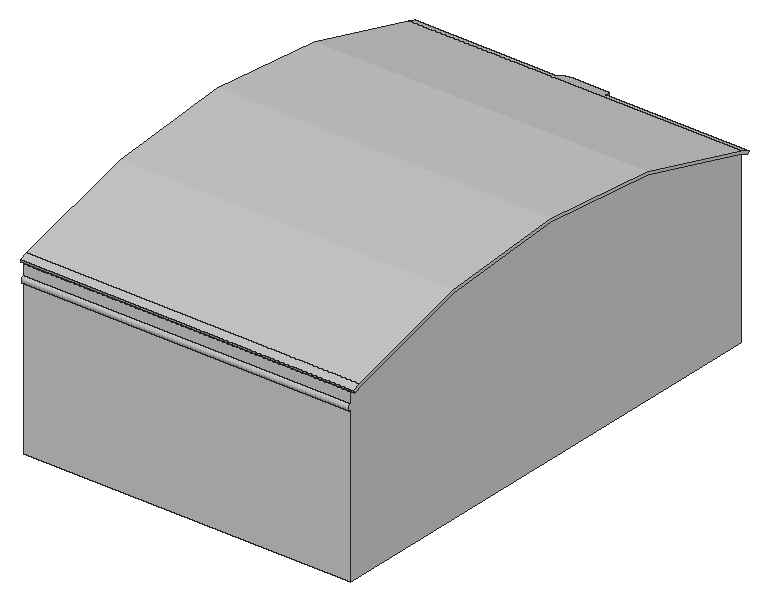
Revit family "PRD_FrankeWS_SntryTwlDspslBins_STRATOSSanitaryTowelAndDisposalBin_STRX611", category Furniture, host Face, Revit 2018
Family settings
  Host = Face
  OmniClass Number = 23.40.20.31.11
  OmniClass Title = Bins
  Cut with Voids When Loaded = No
  Shared = No
  Room Calculation Point = No
Parameters (values of type "STRX611")
  WasteBinMaterial = PRD_AR_StainlessSteel_SatinFinished
  WarrantyStartDate [instance] = "1900-12-31T23:59:59"
  WarrantyGuarantorParts = "n/a"
  WarrantyGuarantorLabor = "n/a"
  WarrantyDurationUnit = "year"
  WarrantyDurationParts = "n/a"
  WarrantyDurationLabor = "n/a"
  WarrantyDescription = "n/a"
  Version = "1"
  Uniclass2015Version = "Products v1.7"
  Uniclass2015Title = "Sanitary towel disposal bins"
  Uniclass2015Code = "Pr_40_50_07_76"
  URL = "www.kwc.com"
  TagNumber [instance] = "n/a"
  SustainabilityPerformance = "n/a"
  SurfaceTreatment = "InoxPlus (anti fingerprint)"
  Style = "Sanitary towel and disposal bin"
  Size = "205x305x134 mm"
  Shape = "n/a"
  SerialNumber [instance] = "n/a"
  Revision = "n/a"
  ReplacementCost = "n/a"
  ProductInformation = "https://pim.kwc.com/product/2000057375/attachment/datasheet?locale=en"
  NominalWidth = 205.00 mm
  NominalLength = 205.00 mm
  NominalHeight = 305.00 mm
  NominalDepth = 134.00 mm
  NetWeight = 3.42 kg
  Name = "STRATOS Sanitary towel and disposal bin STRX611"
  NBSTypeID = "n/a"
  NBSReference = "45-35-72/350"
  NBSOfficeMasterTag = "n/a"
  NBSNote = "n/a"
  NBSDescription = "Sanitary towel disposal bins"
  NBSCertification = "n/a"
  ModelReference = "STRX611"
  ModelNumber = "2000057375"
  Model = ModelReference  # "STRX611"
  Materials = "Stainless steel 1.4301"
  Material = "Stainless steel"
  ManufacturerURL = "www.kwc.com"
  ManufacturerName = "KWC Group AG"  # constant formula
  Manufacturer = ManufacturerName  # "KWC Group AG"
  MainColor = "Stainless steel"
  IntegralAccessories = "includes mounting materials"
  InstallationDate [instance] = "1900-12-31T23:59:59"
  IfcExportType = "NOTDEFINED"
  IfcExportAs = "IfcFurnitureType"
  GrossWeight = 3.72 kg
  Grade = "n/a"
  Form = "Wall mounted"
  FinishAndColour = "Stainless steel, satin finished"
  Finish = "Satin finished"
  FillingQuantity = "3.80 L"
  Features = "stainless steel, 1.50 mm, wall mounting, 205x305x134 mm (WxHxD)"
  ExpectedLife = "n/a"
  DurationUnit = "year"
  Description = "Sanitary towel and disposal bin for wall mounting, stainless steel, surface satin finished, front with InoxPlus surface refinement for the reduction of finger marks and better cleaning characteristics (easy to clean), material thickness 1.5 mm, curved front cover, approx. 3.8 liter capacity, folding selfclosing lid with piano hinge, removable plastic container inside, incl. stainless steel screws and dowels."
  Default Elevation = 820.00 mm
  Constituents = "n/a"
  Color = "Stainless steel"
  CodePerformance = "n/a"
  Category = "Pr_40_50_07_76, Sanitary towel disposal bins"
  BarCode [instance] = "n/a"
  BIMObjectName = "PRD_AR_SanitaryTowelDisposalBins_STRATOSSanitaryTowelAndDisposalBin_STRX611"
  Author = "Archispace"  # constant formula
  AssetType = "Fixed"
  AssetIdentifier [instance] = "n/a"
  AccessibilityPerformance = "n/a"
Reference planes
  plane 1 "Center (Front/Back)": y = 0
  plane 2: z = 0
  plane 3 "Center (Left/Right)": x = 0
Forms (mm)
  Extrusion 1, solid, material "PRD_AR_StainlessSteel_SatinFinished" <- "WasteBinMaterial", detail levels fine
    sketch origin (0, 0, 0) x (0, 1, 0) y (0, 0, 1)
      loop
        line (-295.61, 107.935) -> (-300.299, 106.2) -> (-299.779, 104.793) -> (-295.09, 106.528)
        arc (-295.09, 106.528) -> (-148.555, 132.505) -> (-2.207, 105.498) r 418
        line (-2.207, 105.498) -> (2.47, 103.73) -> (3.001, 105.133) -> (-1.676, 106.901)
        arc (-1.676, 106.901) -> (-148.55, 134.005) -> (-295.61, 107.935) r 419.5
    from -102.5 to 102.5
  Extrusion 2, solid, material "PRD_AR_StainlessSteel_SatinFinished" <- "WasteBinMaterial", detail levels fine
    sketch origin (0, -1.006, 0) x (0, 1, 0) y (0, 0, 1)
      loop
        line (1.006, 0) -> (1.006, 104.664) -> (-1.201, 105.498)
        arc (-1.201, 105.498) -> (-147.549, 132.505) -> (-294.083, 106.528) r 418
        line (-294.083, 106.528) -> (-298.994, 104.711) -> (-298.994, 0) -> (1.006, 0)
    from -100.5 to 100.5
  Extrusion 3, solid, material "PRD_AR_StainlessSteel_SatinFinished" <- "WasteBinMaterial", detail levels fine
    sketch origin (0, 0, 0) x (0, 1, 0) y (0, 0, 1)
      loop
        arc (-300, 98.09) -> (-301.8, 96.1) -> (-300, 94.11) r 2
        line (-300, 94.11) -> (-300, 98.09)
    from -100.5 to 100.5
  Extrusion 4, solid, material "PRD_AR_StainlessSteel_SatinFinished" <- "WasteBinMaterial", detail levels fine
    sketch origin (0, 0, 0) x (0, 1, 0) y (0, 0, 1)
      loop
        line (8.613, 103.011) -> (3.001, 105.133) -> (2.47, 103.73) -> (8.082, 101.608) -> (8.613, 103.011)
    from -15 to 15
  Sweep 5, void
    path in 3D
      loop
        line (15, 8.082, 101.608) -> (15, 8.613, 103.011)
    profile origin (15, 8.348, 102.31) x (0, -0.935384, 0.353633) y (1, 0, 0)
      loop
        line (0, 0) -> (0, -5)
        arc (0, -5) -> (1.464, -1.464) -> (5, 0) r 5
        line (5, 0) -> (0, 0)
  Sweep 6, void
    path in 3D
      loop
        line (-15, 8.082, 101.608) -> (-15, 8.613, 103.011)
    profile origin (-15, 8.348, 102.31) x (0, 0.935384, -0.353633) y (-1, 0, 0)
      loop
        line (0, 0) -> (-5, 0)
        arc (-5, 0) -> (-1.464, -1.464) -> (0, -5) r 5
        line (0, -5) -> (0, 0)
  Extrusion 7, solid, material "PRD_AR_StainlessSteel_SatinFinished" <- "WasteBinMaterial", detail levels medium
    sketch origin (0, 0, 0) x (0, 1, 0) y (0, 0, 1)
      loop
        arc (0, 106.263) -> (-149.998, 134.007) -> (-300, 106.283) r 419.5
        line (-300, 106.283) -> (-300, 0) -> (0, 0) -> (0, 106.263)
    from -102.5 to 102.5
  Extrusion 8, solid, material "PRD_AR_StainlessSteel_SatinFinished" <- "WasteBinMaterial", detail levels coarse
    sketch origin (0, 0, 0) x (0, 1, 0) y (0, 0, 1)
      loop
        line (-300, 134.007) -> (-300, 0) -> (0, 0) -> (0, 134.007) -> (-300, 134.007)
    from -102.5 to 102.5
Cuts and joins
  joined: Extrusion 2, Extrusion 3
  Sweep 6 cuts Extrusion 1
  Sweep 5, Sweep 6 cuts Extrusion 4
  joined: Extrusion 1, Extrusion 4
Lines and regions (mm)
  reference lines
    curve 1: line (0, 8.082, 101.608) -> (0, 8.613, 103.011)
  sketch lines
    curve 2: line (15, 8.082, 101.608) -> (15, 8.613, 103.011)
    curve 3: line (-15, 8.082, 101.608) -> (-15, 8.613, 103.011)
Dimensions and locks
  aligned and locked: plane 2 to host face
  aligned and locked: level to host face
